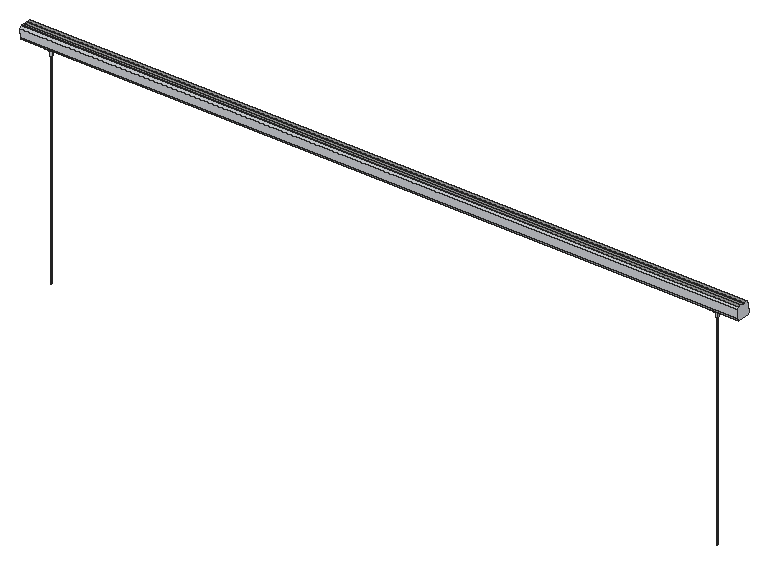
Revit family "0042536 Sylvania Lighting Fixture ISOLINE 3380MM 4K MD UGR DA 8C", category Lighting Fixtures, host Face, Revit 2018
Family settings
  Host = Face
  Round Connector Dimension = Use Diameter
  Part Type = Normal
  OmniClass Number = 23.80.70.00
  OmniClass Title = Lighting
  Cut with Voids When Loaded = No
  Light Source = Yes
  Shared = No
  Room Calculation Point = No
Parameters (values of type "0042536 ISOLINE 3380MM 4K MD UGR DA 8C")
  suspension height = 1000 mm
  spacer height = 5 mm
  spacer centres = 1000 mm
  height = 58.791 mm
  Width = 62 mm
  Weight = "n/a"
  Wattage Comments = ""
  Wattage = 9.2903 W
  WarrantyStartDate [instance] = "n/a"
  WarrantyGuarantorParts = "n/a"
  WarrantyDurationUnit = "n/a"
  WarrantyDurationParts = ""
  WarrantyDescription = "http://www.sylvania-lighting.com"
  built-in parameter 1150110 = 1 (stored number, unit not read)
  Voltage = 0 V
  URL = "0"
  TypeName = "ISOLINE 3380MM 4K MD UGR DA 8C"
  Type Image = <None>
  Type Comments = "n/a"
  built-in parameter 1114217 = 1 (stored number, unit not read)
  Tilt Angle = 90.00°
  built-in parameter 1150109 = 1 (stored number, unit not read)
  built-in parameter 1150134 = 3
  built-in parameter 1150113 = 1 (stored number, unit not read)
  SerialNumber [instance] = "n/a"
  Photometric Web File = "0042536.ies"
  Material_3_FEILO = none
  PowerFactor = 0
  PowerConsumption = "Lighting"
  NominalLength = 62 mm
  NominalHeight = 0 mm
  NominalDepth = 0 mm
  Name = "ISOLINE 3380MM 4K MD UGR DA 8C"
  ModelReference = Name  # "ISOLINE 3380MM 4K MD UGR DA 8C"
  ModelNumber = "0042536"
  Model = Name  # "ISOLINE 3380MM 4K MD UGR DA 8C"
  Material = "Feilo Sylvania"
  ManufacturerName = "157 lm/W"
  Manufacturer = ""
  LuminousEfficacy = ""
  built-in parameter 1150105 = 109.82 (stored number, unit not read)
  Lumens = 1380 lm
  LuminaireType = "0"
  built-in parameter 1150115 = 1 (stored number, unit not read)
  LightOutputRatio = "LED"
  built-in parameter 1150137 = (empty or 0)
  built-in parameter 1150139 = (empty or 0)
  Length = 3380 mm
  LampsType = Lamp  # "n/a"
  LampNominalLuminous = "4000 K"
  LampMacAdamStep = "80"
  LampColourTemperature = "LED"
  LampColourRenderingIndex = "16500"
  built-in parameter 1150112 = 1 (stored number, unit not read)
  built-in parameter 1150114 = 1 (stored number, unit not read)
  Lamp = "n/a"
  Keynote = "n/a"
  InstallationDate [instance] = "n/a"
  InputVoltage = "0"
  InputNominalFrequency = "4000"
  built-in parameter 1150132 = (empty or 0)
  built-in parameter 1150102 = (empty or 0)
  built-in parameter 1150107 = 3200 (stored number, unit not read)
  built-in parameter 1150138 = (empty or 0)
  IngressProtection = "IfcLightFixtureType"
  ImpactProtectionIndex = "IfcLightFixtureType"
  built-in parameter 1150106 = 1.0982 (stored number, unit not read)
  IfcExportType = "IfcLightFixtureType"
  IfcExportAs = "Class I"
  Height = 1000 mm
  ExpectedLife = 50000
  Emit from Circle Diameter = 609.6 mm
  Emit Shape Visible in Rendering = no
  ElectricShockClassification = "157"
  built-in parameter 1150104 = 13.8 (stored number, unit not read)
  DurationUnit = "hours"
  DocumentationLiterature = "http://www.sylvania-lighting.com/product/en-int/products/0042536"
  DimmingControlOptions = "n/a"
  Material_2_FEILO = none
  Dimming Lamp Color Temperature Shift = <None>
  Description = "Isoline LED linear DALI dimmable luminaire for industrial and commercial applications. 3380 mm lenght with medium optics provide homogenous light distribution for aisles and focus areas. Suitable for DALI Dimming. Aluminium housing, RAL 9016. Max + 35 °C operating temperature range, 4000 K, CRI 80, UGR <20, 3 SDMC. 112 W power consumption, 17600 lm luminous flux, 157 lm/W efficacy, 3380 mm x62 mm x 59 mm (L x W x H) dimensions, IP20, IK03, DC 50/60 Hz, Class I. Lifespan L70:B50 60,000 hours."
  Default Elevation = 1219.2 mm
  CreatedOn = "04/03/2021"
  CreatedBy = "@sylvania-lighting.com"
  Cost = 0
  Color Filter = 16777215
  built-in parameter 1114216 [instance] = (empty or 0)
  ClassificationValue = "EF_70_80"
  ClassificationName = "Uniclass2015"
  Material_1_FEILO = none
  BarCode [instance] = "n/a"
  built-in parameter 1114218 = 1 (stored number, unit not read)
  built-in parameter 1150133 = 10 (stored number, unit not read)
  AssetType = "Fixed"
  AssetIdentifier [instance] = "n/a"
  Assembly Code = "D5020200"
  Apparent Load = 112 VA
  Material_4_FEILO = none
Reference planes
  plane 1 "Center (Front/Back)": y = 0
  plane 2: z = 0
  plane 3 "Center (Left/Right)": x = 0
  plane 4: z = 0
  plane 5: z = 1000
  plane 6: y = 31
  plane 7: y = -31
  plane 8: x = -1690
  plane 9: x = 1690
  plane 10: x = -37.307
  plane 11: x = 55
  plane 12: z = 1058.791
  plane 13: z = 51
  plane 14: y = -27
  plane 15: y = 27
  plane 16: z = 12
  plane 17: y = -24.969
  plane 18: y = 25
  plane 19: y = 12
  plane 20: y = -12
  plane 21: z = 1.634
  plane 22: y = -8
  plane 23: y = 8
  plane 24: x = -1580
  plane 25: x = -1555
  plane 26: x = 1580
  plane 27: x = 1555
  plane 28: z = 995
  plane 29: y = 26.98
  plane 30: y = 16.98
  plane 31: y = -27.027
  plane 32: y = -17.004
  plane 33: z = 996.5
  plane 34: y = 26.002
  plane 35: y = -26.027
  plane 36: through (-1580, 7.965, 1219.2) normal (0.5391, 0.8423, 0)
  plane 37: through (-1555, 7.965, 1219.2) normal (0.5391, -0.8423, 0)
  plane 38: through (1555, 7.965, 1219.2) normal (0.5391, 0.8423, 0)
  plane 39: through (1580, 8, 1219.2) normal (0.5399, -0.8417, 0)
  plane 40: z = 1058.003
  plane 41: z = 1056.819
Forms (mm)
  Extrusion 1, solid, detail levels medium+fine
    sketch origin (-1690, -1523.717, -160.594) x (0, -1, -0.000261) y (0, 0.000261, -1)
      loop
        line (-1493, -1168.2) -> (-1497, -1160.2) -> (-1551, -1160.2) -> (-1555, -1168.2) -> (-1555, -1207.2) -> (-1549.109, -1218.982) -> (-1535.466, -1218.982) -> (-1532, -1217.566) -> (-1516, -1217.566) -> (-1512.511, -1218.991) -> (-1498.896, -1218.991) -> (-1493, -1207.2) -> (-1493, -1168.2)
    from 0 to 3380
  Extrusion 2, solid
    sketch origin (1555, 1524, 1219.189) x (0, 1, 0) y (0, 0, 1)
      loop
        line (-1497.021, -219.189) -> (-1498.02, -219.189) -> (-1507.02, -223.699) -> (-1541.004, -223.699) -> (-1550.017, -219.203) -> (-1551.02, -219.203) -> (-1541.004, -224.2) -> (-1507.02, -224.2) -> (-1497.021, -219.189)
    from 0 to 25
  Extrusion 3, solid
    sketch origin (-1580, 1524, 1219.189) x (0, 1, 0) y (0, 0, 1)
      loop
        line (-1497.021, -219.189) -> (-1498.02, -219.189) -> (-1507.02, -223.699) -> (-1541.004, -223.699) -> (-1550.017, -219.203) -> (-1551.02, -219.203) -> (-1541.004, -224.2) -> (-1507.02, -224.2) -> (-1497.021, -219.189)
    from 0 to 25
  Extrusion 4, solid
    sketch origin (4.2, 0, 0) x (1, 0, 0) y (0, 1, 0)
      loop
        circle (-1571.7, -0.035) r 5
    from 962.277 to 995
  Extrusion 5, solid
    sketch origin (3139.062, 0.065, 0) x (1, 0, 0) y (0, 1, 0)
      loop
        circle (-1571.7, -0.035) r 5
    from 962.277 to 995
  Extrusion 6, solid
    sketch origin (4.2, 0, 0) x (1, 0, 0) y (0, 1, 0)
      loop
        circle (-1571.7, -0.035) r 1.5
    from 0 to 962.277
  Extrusion 7, solid
    sketch origin (3139.076, 0.033, 0) x (1, 0, 0) y (0, 1, 0)
      loop
        circle (-1571.7, -0.035) r 1.5
    from 0 to 977.512
  Extrusion 8, solid, material "Glass, White, High Luminance", detail levels fine
    sketch origin (319, 1524, 1219.2) x (0, 1, 0) y (0, 0, 1)
      loop
        line (-1498.926, -160.099) -> (-1512.703, -160.099) -> (-1516.213, -161.534) -> (-1531.9, -161.534) -> (-1535.47, -160.114) -> (-1549.12, -160.114) -> (-1549.12, -161.197) -> (-1535.782, -161.197) -> (-1532.805, -162.381) -> (-1515.468, -162.381) -> (-1512.929, -161.197) -> (-1498.926, -161.197) -> (-1498.926, -160.099)
    from -2009 to 1371
  Extrusion 9, solid, detail levels coarse
    sketch origin (319, 1524, 1219.2) x (0, 1, 0) y (0, 0, 1)
      loop
        line (-1493, -160.052) -> (-1555, -160.052) -> (-1555, -1219.2) -> (-1493, -1219.2) -> (-1493, -160.052)
    from -2009 to 1371
Dimensions and locks
  "Width": plane 6 to plane 7
  equal spacing: plane 6, plane 1 "Center (Front/Back)", plane 7
  "Length": plane 8 to plane 9
  equal spacing: plane 8, plane 3 "Center (Left/Right)", plane 9
  "height": plane 12 to plane 5
  "suspension height": plane 5 to level
  aligned and locked: host face to plane 2
  aligned and locked: host face to level
Automatic sketch dimensions
  host sketch curve to host sketch curve = 3582.803 mm
  host sketch curve to host sketch curve = 2438.4 mm
  Extrusion 1 sketch curve to plane 29 = 0 mm
  Extrusion 1 sketch curve to plane 6 = 0.033 mm
  Extrusion 1 sketch curve to plane 12 = 11.778 mm
  Extrusion 1 sketch curve to Extrusion 1 sketch curve = 4 mm  (x2)
  Extrusion 1 sketch curve to Extrusion 1 sketch curve = 5.891 mm
  Extrusion 1 sketch curve to Extrusion 1 sketch curve = 13.643 mm
  Extrusion 1 sketch curve to Extrusion 1 sketch curve = 3.466 mm
  Extrusion 1 sketch curve to Extrusion 1 sketch curve = 16 mm
  Extrusion 1 sketch curve to Extrusion 1 sketch curve = 3.489 mm
  Extrusion 1 sketch curve to Extrusion 1 sketch curve = 13.615 mm
  Extrusion 1 sketch curve to Extrusion 1 sketch curve = 54 mm
  Extrusion 1 sketch curve to Extrusion 1 sketch curve = 47 mm
  Extrusion 1 sketch curve to Extrusion 1 sketch curve = 10.366 mm
  Extrusion 1 sketch curve to Extrusion 1 sketch curve = 1.425 mm
  Extrusion 1 sketch curve to Extrusion 1 sketch curve = 11.782 mm
  Extrusion 1 sketch curve to Extrusion 1 sketch curve = 8 mm  (x2)
  Extrusion 2 sketch curve to plane 32 = 0 mm  (x2)
  Extrusion 2 sketch curve to plane 30 = 0 mm  (x2)
  Extrusion 2 sketch curve to plane 5 = 0 mm
  Extrusion 2 sketch curve to plane 35 = 0.01 mm
  Extrusion 2 sketch curve to plane 31 = 0.007 mm
  plane 34 to Extrusion 2 sketch curve = 0.022 mm
  plane 29 to Extrusion 2 sketch curve = 0.001 mm
  Extrusion 2 sketch curve to plane 5 = 0.014 mm
  plane 28 to Extrusion 2 sketch curve = 0.489 mm
  Extrusion 2 sketch curve to plane 28 = 0.011 mm
  Extrusion 3 sketch curve to plane 32 = 0 mm  (x2)
  Extrusion 3 sketch curve to plane 30 = 0 mm  (x2)
  Extrusion 3 sketch curve to plane 5 = 0 mm
  Extrusion 3 sketch curve to plane 35 = 0.01 mm
  Extrusion 3 sketch curve to plane 31 = 0.007 mm
  plane 34 to Extrusion 3 sketch curve = 0.022 mm
  plane 29 to Extrusion 3 sketch curve = 0.001 mm
  Extrusion 3 sketch curve to plane 5 = 0.014 mm
  plane 28 to Extrusion 3 sketch curve = 0.489 mm
  Extrusion 3 sketch curve to plane 28 = 0.011 mm
  Extrusion 4 sketch curve to plane 36 = 0 mm
  plane 37 to Extrusion 4 sketch curve = 0 mm
  Extrusion 5 sketch curve to plane 1 "Center (Front/Back)" = 0.029 mm
  plane 27 to Extrusion 5 sketch curve = 12.362 mm
  Extrusion 6 sketch curve to plane 36 = 0 mm
  plane 37 to Extrusion 6 sketch curve = 0 mm
  plane 1 "Center (Front/Back)" to Extrusion 7 sketch curve = 0.002 mm
  plane 27 to Extrusion 7 sketch curve = 12.376 mm
  Extrusion 8 sketch curve to plane 40 = 0 mm  (x2)
  Extrusion 8 sketch curve to plane 41 = 0 mm
  plane 17 to Extrusion 8 sketch curve = 0.151 mm
  Extrusion 8 sketch curve to plane 20 = 0.218 mm
  plane 12 to Extrusion 8 sketch curve = 0.295 mm
  Extrusion 8 sketch curve to plane 20 = 0.53 mm
  plane 22 to Extrusion 8 sketch curve = 0.805 mm
  Extrusion 8 sketch curve to plane 22 = 0.1 mm
  plane 23 to Extrusion 8 sketch curve = 0.213 mm
  Extrusion 8 sketch curve to plane 23 = 0.532 mm
  plane 19 to Extrusion 8 sketch curve = 0.929 mm
  Extrusion 8 sketch curve to plane 18 = 0.074 mm
  plane 41 to Extrusion 8 sketch curve = 0.848 mm
  plane 19 to Extrusion 8 sketch curve = 0.703 mm
  plane 12 to Extrusion 8 sketch curve = 0.31 mm
  Extrusion 9 sketch curve to plane 7 = 0 mm
  Extrusion 9 sketch curve to plane 6 = 0 mm
  Extrusion 9 sketch curve to plane 33 = 996.5 mm
  plane 12 to Extrusion 9 sketch curve = 0.357 mm
  radius of Extrusion 4 sketch curve = 5 mm
  radius of Extrusion 5 sketch curve = 5 mm
  radius of Extrusion 6 sketch curve = 1.5 mm
  radius of Extrusion 7 sketch curve = 1.5 mm
Connectors
  electrical at (0, -0.02, 1000.004)
    settings: on Extrusion 1, index 1, voltage 0 V, apparent load 0 VA, apparent load phase1 0 VA, apparent load phase2 0 VA, apparent load phase3 0 VA, power factor 1, load classification "Other", number of poles 1, system type 31, power factor state 1, is connector primary yes, connector utility no, sub classification motor no, connector description ""
